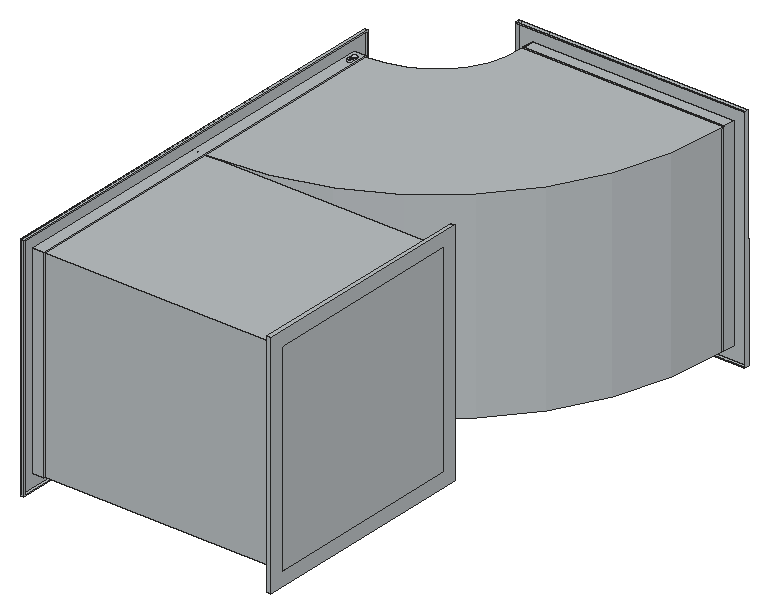
Revit family "NLRS_57_DUF_UN_broekstuk_bocht_recht_nijburg", category Duct Fittings, Revit 2020
Family settings
  Round Connector Dimension = Use Diameter
  Part Type = Tee
  Work Plane-Based = No
  Always vertical = Yes
  Cut with Voids When Loaded = No
  Shared = No
Parameters (values of type "R=170 (std)")
  built-in parameter 1114242 [instance] = 1 = 0  # (empty or 0)
  URL = "https://nijburg-klimaattechniek.nl/oplossingen/rechthoekige-kanalen/"
  Type Comments = ""
  NPR_snelheid_geldig [instance] = if(NPR_Gewenste_snelheid > 0.0 m/s, NPR_Gewenste_snelheid, 1.0 m/s)  # 5.0 m/s
  NPR_c03_snelheid [instance] = NLRS_M_c03_debiet / (NLRS_M_c03_breedte * NLRS_M_c03_hoogte)  # 0.0 m/s
  NPR_c02_snelheid [instance] = NLRS_M_c02_debiet / (NLRS_M_c02_breedte * NLRS_M_c02_hoogte)  # 0.0 m/s
  NPR_c02_recht [instance] = 30 mm
  NPR_c02_aanbevolen_breedte [instance] = round(if(NPR_Gewenste_snelheid > 0.0 m/s, (NLRS_M_c02_debiet / NPR_snelheid_geldig) / NLRS_M_c01_hoogte, 0 mm) / 1 mm) * 1 mm  # 0 mm
  NPR_c01_snelheid [instance] = NLRS_M_c01_debiet / (NLRS_M_c01_breedte * NLRS_M_c01_hoogte)  # 0.0 m/s
  NPR_c01_recht_breedte [instance] = if(or(NLRS_M_c01_debiet = 0.0 m³/h, NLRS_M_c02_debiet = 0.0 m³/h, NLRS_M_c03_debiet = 0.0 m³/h), NLRS_M_c01_breedte / 2, (NLRS_M_c01_breedte / NLRS_M_c01_debiet) * NLRS_M_c03_debiet)  # 400 mm
  NPR_c01_recht_bocht [instance] = 30 mm
  NPR_c01_bocht_breedte [instance] = NLRS_M_c01_breedte - NPR_c01_recht_breedte  # 400 mm
  NPR_c01_aanbevolen_breedte [instance] = round(if(NPR_Gewenste_snelheid > 0.0 m/s, (NLRS_M_c01_debiet / NPR_snelheid_geldig) / NLRS_M_c01_hoogte, 0 mm) / 1 mm) * 1 mm  # 0 mm
  NPR_Waarschuwing [instance] = if(NPR_Toegepaste_hoek = NLRS_M_c02_hoek, " ", "Ongeldige hoek!")  # " "
  NPR_Toegepaste_hoek [instance] = if(NLRS_M_c02_hoek < NPR_Minimale_hoek, NPR_Minimale_hoek, if(NLRS_M_c02_hoek > 90.00°, 90.00°, NLRS_M_c02_hoek))  # 90.00°
  NPR_S2_Buiten_ver [instance] = NLRS_M_c02_breedte * cos(NPR_Toegepaste_hoek)  # 0 mm
  NPR_S2_Buiten_hor [instance] = NLRS_M_c02_breedte * sin(NPR_Toegepaste_hoek)  # 400 mm
  NPR_S2_Binnen_ver [instance] = NPR_S2 * sin(NPR_Toegepaste_hoek)  # 30 mm
  NPR_S2_Binnen_hor [instance] = NPR_S2 * cos(NPR_Toegepaste_hoek)  # 0 mm
  NPR_S2 [instance] = if(NPR_c02_recht < 30 mm, 30 mm, NPR_c02_recht)  # 30 mm
  NPR_S1 [instance] = if(NPR_c01_recht_bocht < 30 mm, 30 mm, NPR_c01_recht_bocht)  # 30 mm
  NPR_Radius = 170 mm
  NPR_Offset5 [instance] = (NPR_Buitenradius_Links * cos(NPR_Toegepaste_hoek))  # 0 mm
  NPR_Offset4 [instance] = NPR_Radius - (NPR_Radius * cos(NPR_Toegepaste_hoek))  # 170 mm
  NPR_Offset3 [instance] = NPR_Radius * sin(NPR_Toegepaste_hoek)  # 170 mm
  NPR_Offset2 [instance] = NPR_Buitenradius_Links * sin(NPR_Toegepaste_hoek)  # 570 mm
  NPR_Offset1 [instance] = if(NLRS_M_c02_breedte > NPR_c01_bocht_breedte, (NPR_Grote_breedte - NPR_Buitenradius_Links) * sin(NPR_Toegepaste_hoek), 0 mm)  # 0 mm
  NPR_Minimale_hoek [instance] = if(roundup((90.00° - asin(NPR_Kleine_breedte / NPR_Grote_breedte)) / 1.00°) * 1.00° < 5.00°, 5.00°, roundup((90.00° - asin(NPR_Kleine_breedte / NPR_Grote_breedte)) / 1.00°) * 1.00°)  # 5.00°
  NPR_Luka_m²_part2 [instance] = (NPR_c01_recht_breedte + NLRS_M_c03_hoogte) * 2 * NLRS_C_lengte  # 0.80 m²
  NPR_Luka_m²_part1 [instance] = ((if(NPR_c01_bocht_breedte > NLRS_M_c02_breedte, NPR_c01_bocht_breedte, NLRS_M_c02_breedte) + NLRS_M_c01_hoogte) * 2 * NPR_L1)  # 1.92 m²
  NPR_Luka_m² [instance] = NPR_Luka_m²_part1 + NPR_Luka_m²_part2  # 2.72 m²
  NPR_L1 [instance] = (NPR_Buitenradius_Links * tan(NPR_Toegepaste_hoek / 2)) + if(NPR_c01_bocht_breedte > NLRS_M_c02_breedte, NPR_S1, NPR_S2) + (NPR_Buitenradius_Links * tan(NPR_Toegepaste_hoek / 2)) + ((NPR_Grote_breedte - NPR_Buitenradius_Links) * cos(90.00° - NPR_Toegepaste_hoek)) + if(NPR_c01_bocht_breedte > NLRS_M_c02_breedte, NPR_S2, NPR_S1)  # 1200 mm
  NPR_Kleine_breedte [instance] = if(NPR_c01_bocht_breedte > NLRS_M_c02_breedte, NLRS_M_c02_breedte, NPR_c01_bocht_breedte) + NPR_Radius  # 570 mm
  NPR_Grote_breedte [instance] = if(NPR_c01_bocht_breedte > NLRS_M_c02_breedte, NPR_c01_bocht_breedte, NLRS_M_c02_breedte) + NPR_Radius  # 570 mm
  NPR_Gewenste_snelheid [instance] = 5.0 m/s
  NPR_Forceer_Schoepen [instance] = no
  NPR_Checked_hoek [instance] = if(NPR_Toegepaste_hoek = 90.00°, 1.00°, NPR_Toegepaste_hoek)  # 1.00°
  NPR_Center_Offset1 [instance] = if(NPR_Toegepaste_hoek = 90.00°, NPR_Radius + (NLRS_M_c02_breedte / 2), if(not(NPR_c01_bocht_breedte < NLRS_M_c02_breedte), (NPR_Calc_Radius1 / cos(NPR_Checked_hoek / 2)) * sin(NPR_Checked_hoek / 2), (NPR_Calc_Radius1 * tan(NPR_Checked_hoek / 2 / 2)) + (((NPR_Grote_breedte - NPR_Radius) / 2 + NPR_Radius - NPR_Calc_Radius1) * cos(90.00° - NPR_Checked_hoek / 2))))  # 370 mm
  NPR_Calc_Radius1 [instance] = if(NPR_Toegepaste_hoek = 90.00°, ((((NPR_Kleine_breedte - NPR_Radius) / 2) + NPR_Radius)), (((((NPR_Kleine_breedte - NPR_Radius) / 2) + NPR_Radius)) / cos(NPR_Checked_hoek) - ((((NPR_Grote_breedte - NPR_Radius) / 2) + NPR_Radius))) * tan(90.00° - NPR_Checked_hoek) * tan((180.00° - NPR_Checked_hoek) / 2))  # 370 mm
  NPR_Buitenradius_Links [instance] = if(NPR_Toegepaste_hoek = 90.00°, NPR_Kleine_breedte, (NPR_Kleine_breedte / cos(NPR_Checked_hoek) - NPR_Grote_breedte) * tan(90.00° - NPR_Checked_hoek) * tan((180.00° - NPR_Checked_hoek) / 2))  # 570 mm
  NPR_Artikelcode = "RHKV"  # constant formula
  NLRS_M_c03_hoogte [instance] = NLRS_M_c01_hoogte  # 400 mm
  NLRS_M_c03_debiet [instance] = 0.0 m³/h
  NLRS_M_c03_breedte [instance] = NPR_c01_recht_breedte  # 400 mm
  NLRS_M_c02_hoogte [instance] = NLRS_M_c01_hoogte  # 400 mm
  NLRS_M_c02_hoek [instance] = 90.00°
  NLRS_M_c02_debiet [instance] = 0.0 m³/h
  NLRS_M_c01_debiet [instance] = NLRS_M_c02_debiet + NLRS_M_c03_debiet  # 0.0 m³/h
  NLRS_M_c01_breedte [instance] = 800 mm
  NLRS_M_c02_breedte [instance] = 400 mm
  NLRS_M_c01_hoogte [instance] = 400 mm
  NLRS_C_model = Model  # "Broekstuk bocht+recht"
  NLRS_C_lengte [instance] = 500 mm
  NLRS_C_description = Description  # "Rechthoekig broekstuk bocht+recht kanaal"
  NLRS_C_content_versie = "1.20.00"  # constant formula
  NLRS_C_content_provider = "Nijburg Klimaattechniek"  # constant formula
  NLRS_C_content_datum_gewijzigd = "04-05-2023"  # constant formula
  NLRS_C_content_creator = "J.Feeke"  # constant formula
  Model = "Broekstuk bocht+recht"  # constant formula
  Manufacturer = "Nijburg Products"  # constant formula
  Description = "Rechthoekig broekstuk bocht+recht kanaal"  # constant formula
  Default Elevation = 0 mm
  Assembly Code = "57.70"
Types (5, lengths in mm): name | Type Comments | NPR_Radius | NPR_Offset4 | NPR_Offset3 | NPR_Offset2 | NPR_Luka_m²_part1 | NPR_Luka_m² | NPR_L1 | NPR_Kleine_breedte | NPR_Grote_breedte | NPR_Center_Offset1 | NPR_Calc_Radius1 | NPR_Buitenradius_Links
  (no name) | "" | 170 | 170 | 170 | 570 | 1.92 m² | 2.72 m² | 1200 | 570 | 570 | 370 | 370 | 570
  R=100 | "RHKV" | 100 | 100 | 100 | 500 | 1.696 m² | 2.496 m² | 1060 | 500 | 500 | 300 | 300 | 500
  R=120 | "RHKV" | 120 | 120 | 120 | 520 | 1.76 m² | 2.56 m² | 1100 | 520 | 520 | 320 | 320 | 520
  R=150 | "RHKV" | 150 | 150 | 150 | 550 | 1.856 m² | 2.656 m² | 1160 | 550 | 550 | 350 | 350 | 550
  R=170 (std) | "" | 170 | 170 | 170 | 570 | 1.92 m² | 2.72 m² | 1200 | 570 | 570 | 370 | 370 | 570
Reference planes
  plane 1 "Center Rhor": y = -2630.953
  plane 2: z = 0
  plane 3 "Center Rvert": x = 0
  plane 4 "c1": x = -30
  plane 5 "C1_Inner": y = -2800.953
  plane 6 "Inner_Hor": x = 170
  plane 7 "W1": y = -3200.953
  plane 8 "Inner_ver": y = -2630.953
  plane 9: x = 570
  plane 10 "c1_center": y = -3000.953
  plane 11 "Offset_Hor": x = 0
  plane 12: y = -2630.953
  plane 13: y = -2630.953
  plane 14: y = -2600.953
  plane 15: x = 570
  plane 16 "W2": y = -2600.953
  plane 17 "W3": x = 170
  plane 18 "Top": z = 200
  plane 19 "Bottom": z = -200
  plane 20: x = 370
  plane 21: y = -3200.953
  plane 22 "W6": x = -30
  plane 23: x = 470
  plane 24: y = -3200.953
  plane 25: y = -3600.953
Forms (mm)
  Extrusion 1, solid, material "NLRS_57_sendzimir verzinkt_gen_sacs"
    sketch origin (0, 0, 0) x (1, 0, 0) y (0, 1, 0)
      loop
        line (0, -2800.953) -> (-30, -2800.953) -> (-30, -3200.953) -> (0, -3200.953)
        arc (0, -3200.953) -> (403.051, -3034.004) -> (570, -2630.953) r 570
        line (570, -2630.953) -> (570, -2600.953) -> (170, -2600.953) -> (170, -2630.953)
        arc (170, -2630.953) -> (120.208, -2751.161) -> (0, -2800.953) r 170
    from -200 to 200
  Extrusion 2, solid, not visible
    sketch origin (-228.7, -3498.89, 0) x (1, 0, 0) y (0, 1, 0)
      loop
        arc (542.644, 302.937) -> (537.644, 297.937) -> (542.644, 292.937) r 5
        line (542.644, 292.937) -> (542.644, 297.937) -> (547.644, 292.937) -> (547.644, 297.937) -> (542.644, 302.937)
    from 0 to 2
  Extrusion 3, solid, not visible
    sketch origin (318.945, -3200.953, 0) x (1, 0, 0) y (0, 1, 0)
      loop
        arc (5, -5) -> (10, 0) -> (5, 5) r 5
        line (5, 5) -> (5, 0) -> (0, 5) -> (0, 0) -> (5, -5)
    from 0 to 2
  Extrusion 4, solid, material "NLRS_57_sendzimir verzinkt_gen_sacs"
    sketch origin (0, 0, 0) x (1, 0, 0) y (0, 1, 0)
      loop
        line (-30, -3200.953) -> (-30, -3600.953) -> (470, -3600.953) -> (470, -3200.953) -> (-30, -3200.953)
    from -200 to 200
  Sweep 5, solid, material "NLRS_57_sendzimir verzinkt_gen_sacs"
    path in 3D
      loop
        line (-30, -3200.953, 200) -> (-30, -3600.953, 200) -> (-30, -3600.953, -200) -> (-30, -3200.953, -200) -> (-30, -2800.953, -200) -> (-30, -2800.953, 200) -> (-30, -3200.953, 200)
    profile "DW_Profile : Kanaal" origin (-30, -3000.953, 200) x (1, 0, 0) y (0, 0, 1)
      loop
        line (25, 0) -> (25, 1) -> (1, 1) -> (1, 28) -> (7.5, 28) -> (7.5, 29) -> (0, 29) -> (0, 0) -> (25, 0)
  Sweep 6, solid, material "NLRS_57_sendzimir verzinkt_gen_sacs"
    path in 3D
      loop
        line (170, -2600.953, 200) -> (170, -2600.953, -200) -> (570, -2600.953, -200) -> (570, -2600.953, 200) -> (170, -2600.953, 200)
    profile "DW_Profile : Kanaal" origin (370, -2600.953, 200) x (0, -1, 0) y (0, 0, 1)
      loop
        line (25, 0) -> (25, 1) -> (1, 1) -> (1, 28) -> (7.5, 28) -> (7.5, 29) -> (0, 29) -> (0, 0) -> (25, 0)
  Sweep 7, solid, material "NLRS_57_sendzimir verzinkt_gen_sacs"
    path in 3D
      loop
        line (470, -3200.953, 200) -> (470, -3200.953, -200) -> (470, -3600.953, -200) -> (470, -3600.953, 200) -> (470, -3200.953, 200)
    profile "DW_Profile : Kanaal" origin (470, -3400.953, 200) x (-1, 0, 0) y (0, 0, 1)
      loop
        line (25, 0) -> (25, 1) -> (1, 1) -> (1, 28) -> (7.5, 28) -> (7.5, 29) -> (0, 29) -> (0, 0) -> (25, 0)
Lines and regions (mm)
  sketch lines
    curve 1: line (-30, -2800.953, 200) -> (-30, -3200.953, 200)
    curve 2: line (-30, -3200.953, 200) -> (-30, -3600.953, 200)
    curve 3: line (-30, -3600.953, 200) -> (-30, -3600.953, -200)
    curve 4: line (-30, -3600.953, -200) -> (-30, -3200.953, -200)
    curve 5: line (-30, -3200.953, -200) -> (-30, -2800.953, -200)
    curve 6: line (-30, -2800.953, 200) -> (-30, -2800.953, -200)
    curve 7: line (570, -2600.953, 200) -> (170, -2600.953, 200)
    curve 8: line (170, -2600.953, 200) -> (170, -2600.953, -200)
    curve 9: line (170, -2600.953, -200) -> (570, -2600.953, -200)
    curve 10: line (570, -2600.953, 200) -> (570, -2600.953, -200)
    curve 11: line (470, -3600.953, 200) -> (470, -3200.953, 200)
    curve 12: line (470, -3200.953, 200) -> (470, -3200.953, -200)
    curve 13: line (470, -3200.953, -200) -> (470, -3600.953, -200)
    curve 14: line (470, -3600.953, 200) -> (470, -3600.953, -200)
Dimensions and locks
  "NPR_S1": plane 4 "c1" to plane 3 "Center Rvert"
  "NPR_Offset3": plane 6 "Inner_Hor" to plane 3 "Center Rvert"
  "NPR_Radius": plane 5 "C1_Inner" to plane 1 "Center Rhor"
  "NPR_c01_bocht_breedte": plane 7 "W1" to plane 5 "C1_Inner"
  "NPR_Offset4": plane 8 "Inner_ver" to plane 5 "C1_Inner"
  "NPR_Offset1": plane 3 "Center Rvert" to plane 11 "Offset_Hor"
  "NPR_Buitenradius_Links": plane 7 "W1" to plane 13
  "NPR_Offset5": plane 12 to plane 13
  "NPR_Offset2": plane 11 "Offset_Hor" to plane 9
  "NPR_S2_Binnen_hor": plane 6 "Inner_Hor" to plane 17 "W3"
  "NPR_S2_Binnen_ver": plane 16 "W2" to plane 8 "Inner_ver"
  locked: plane 15 to Extrusion 1 sketch curve
  locked: Extrusion 1 sketch curve to plane 14
  locked: plane 16 "W2" to Extrusion 1 sketch curve  (x2)
  locked: plane 17 "W3" to Extrusion 1 sketch curve
  plane 16 "W2" to Extrusion 1 sketch curve = 0 mm
  "NPR_S2_Buiten_hor": plane 17 "W3" to plane 15
  "NPR_S2_Buiten_ver": plane 16 "W2" to plane 14
  equal spacing: plane 5 "C1_Inner", plane 10 "c1_center", plane 7 "W1"
  equal spacing: plane 18 "Top", level, plane 19 "Bottom"
  "NLRS_M_c01_hoogte": plane 18 "Top" to plane 19 "Bottom"
  "NPR_Center_Offset1": plane 3 "Center Rvert" to plane 20
  locked: plane 7 "W1" to plane 21
  locked: plane 5 "C1_Inner" to nested 7 at 20
  locked: plane 4 "c1" to nested 7 at 15
  locked: plane 5 "C1_Inner" to nested 8 at 20
  locked: plane 4 "c1" to nested 8 at 15
  locked: plane 21 to plane 24
  "NPR_c01_recht_breedte": plane 24 to plane 25
  "NLRS_C_lengte": plane 23 to plane 22 "W6"
  "NPR_Radius": radius of Extrusion 1 sketch curve
  "NPR_Buitenradius_Links": radius of Extrusion 1 sketch curve
  "NPR_Toegepaste_hoek": angle Extrusion 1 sketch curve to Extrusion 1 sketch curve  (x2)
  aligned and locked: level to plane 2
  aligned and locked: plane 5 "C1_Inner" to Extrusion 1 sketch curve
  aligned and locked: Extrusion 1 sketch curve to plane 3 "Center Rvert"
  aligned and locked: plane 11 "Offset_Hor" to Extrusion 1 sketch curve
  aligned and locked: plane 7 "W1" to Extrusion 1 sketch curve
  aligned and locked: plane 4 "c1" to Extrusion 1 sketch curve
  aligned and locked: plane 18 "Top" to Extrusion 1
  aligned and locked: Extrusion 1 to plane 19 "Bottom"
  aligned and locked: nested 1 to plane 3 "Center Rvert"
  aligned and locked: plane 1 "Center Rhor" to nested 1
  aligned and locked: nested 3 to plane 3 "Center Rvert"
  aligned and locked: plane 1 "Center Rhor" to nested 3
  aligned and locked: nested 2 to plane 3 "Center Rvert"
  aligned and locked: plane 1 "Center Rhor" to nested 2
  aligned and locked: plane 1 "Center Rhor" to nested 4
  aligned and locked: nested 6 to plane 3 "Center Rvert"
  aligned and locked: plane 1 "Center Rhor" to nested 6
  aligned and locked: nested 4 to plane 3 "Center Rvert"
  aligned and locked: plane 1 "Center Rhor" to nested 5
  aligned and locked: nested 5 to plane 3 "Center Rvert"
  aligned and locked: Extrusion 4 sketch curve to plane 24
  aligned and locked: plane 22 "W6" to Extrusion 4 sketch curve
  aligned and locked: plane 25 to Extrusion 4 sketch curve
  aligned and locked: Extrusion 4 sketch curve to plane 23
  aligned and locked: Extrusion 4 to plane 18 "Top"
  aligned and locked: plane 19 "Bottom" to Extrusion 4
Automatic sketch dimensions
  Extrusion 2 sketch curve to plane 7 "W1" = 0 mm
  plane 4 "c1" to Extrusion 2 sketch curve = 343.945 mm
  Extrusion 2 sketch curve to Extrusion 2 sketch curve = 5 mm  (x3)
  Extrusion 2 sketch curve to Extrusion 2 sketch curve = 0 mm  (x2)
  Extrusion 3 sketch curve to plane 7 "W1" = 0 mm  (x2)
  plane 4 "c1" to Extrusion 3 sketch curve = 348.945 mm
  Extrusion 3 sketch curve to Extrusion 3 sketch curve = 5 mm  (x3)
  Extrusion 3 sketch curve to Extrusion 3 sketch curve = 0 mm
Nested families
  nested 1: "schoep" at (0, -2630.953, 200), type "schoep1"
  nested 2: "schoep" at (0, -2630.953, 200), type "schoep3"
  nested 3: "schoep" at (0, -2630.953, 200), type "schoep2"
  nested 4: "schoep" at (0, -2630.953, -200), type "schoep1"
  nested 5: "schoep" at (0, -2630.953, -200), type "schoep3"
  nested 6: "schoep" at (0, -2630.953, -200), type "schoep2"
  nested 7: "logo_single" at (-15, -2820.953, 201) x (0, 1, 0) z (0, 0, 1), type "logo_single"
  nested 8: "logo_single" at (-15, -2820.953, -202) x (0, 1, 0) z (0, 0, 1), type "logo_single"
Connectors
  hvac at (-30, -3200.953, 0), driven by "NLRS_M_c01_hoogte", driven by "NLRS_M_c01_breedte"
    settings: on Sweep 5, index 1, duct flow 0.0 m³/h, flow factor 0, pres drop 0.0 Pa, loss coef 0, conn angle 0.00°, conn width 800 mm, conn height 400 mm, conn diameter 609.6 mm, duct sys type 28, conn prof type 1, flow config 0, flow direction 0, loss method 0, conn ref index 2, conn util no, is conn primary yes, conn desc ""
  hvac at (470, -3400.953, 0), driven by "NLRS_M_c01_hoogte", driven by "NLRS_M_c03_breedte"
    settings: on Extrusion 4, index 2, duct flow 0.0 m³/h, flow factor 0, pres drop 0.0 Pa, loss coef 0, conn angle 0.00°, conn width 400 mm, conn height 400 mm, conn diameter 609.6 mm, duct sys type 28, conn prof type 1, flow config 0, flow direction 0, loss method 0, conn ref index 1, conn util no, is conn primary no, conn desc ""
  hvac at (370, -2600.953, 0), driven by "NLRS_M_c01_hoogte", driven by "NLRS_M_c02_breedte"
    settings: on Extrusion 1, index 3, duct flow 0.0 m³/h, flow factor 0, pres drop 0.0 Pa, loss coef 0, conn angle 0.00°, conn width 400 mm, conn height 400 mm, conn diameter 609.6 mm, duct sys type 28, conn prof type 1, flow config 0, flow direction 0, loss method 0, conn ref index -1, conn util no, is conn primary no, conn desc ""
Definition of nested family "logo_single"
  Parameters (values of type "logo_single")
    t = 5 mm
    Model = "LOD 400"
    Description = "Model type"
    Default Elevation = 1219.2 mm
  Reference planes
    plane 1 "Center (Front/Back)": y = 0
    plane 2: z = 0
    plane 3 "Center (Left/Right)": x = 0
    plane 4: z = 2
    plane 5: x = -10
    plane 6: y = -5
    plane 7: y = 5
    plane 8: x = -5
    plane 9: x = 5
    plane 10: x = 10
  Forms (mm)
    Extrusion 1, solid
      sketch origin (-547.644, -297.937, 0) x (1, 0, 0) y (0, 1, 0)
        loop
          arc (542.644, 302.937) -> (537.644, 297.937) -> (542.644, 292.937) r 5
          line (542.644, 292.937) -> (542.644, 297.937) -> (547.644, 292.937) -> (547.644, 297.937) -> (542.644, 302.937)
      from 0 to 2
    Extrusion 2, solid
      sketch origin (0, 0, 0) x (1, 0, 0) y (0, 1, 0)
        loop
          arc (5, -5) -> (10, 0) -> (5, 5) r 5
          line (5, 5) -> (5, 0) -> (0, 5) -> (0, 0) -> (5, -5)
      from 0 to 2
  Dimensions and locks
    "t": plane 7 to plane 1 "Center (Front/Back)"
    "t": plane 6 to plane 1 "Center (Front/Back)"
    "t": plane 5 to plane 8
    "t": plane 8 to plane 3 "Center (Left/Right)"
    "t": plane 3 "Center (Left/Right)" to plane 9
    "t": plane 9 to plane 10
    aligned and locked: level to plane 2
    aligned and locked: plane 4 to Extrusion 1
  Automatic sketch dimensions
    plane 1 "Center (Front/Back)" to Extrusion 1 sketch curve = 0 mm  (x3)
    Extrusion 1 sketch curve to plane 8 = 0 mm
    Extrusion 1 sketch curve to plane 7 = 0 mm
    Extrusion 1 sketch curve to plane 3 "Center (Left/Right)" = 0 mm
    Extrusion 1 sketch curve to plane 6 = 0 mm
    Extrusion 2 sketch curve to plane 3 "Center (Left/Right)" = 0 mm
    plane 1 "Center (Front/Back)" to Extrusion 2 sketch curve = 0 mm  (x3)
    Extrusion 2 sketch curve to plane 6 = 0 mm
    Extrusion 2 sketch curve to plane 9 = 0 mm
    Extrusion 2 sketch curve to plane 7 = 0 mm
Definition of nested family "schoep"
  Parameters (values of type "schoep")
    Show_Schoep = and(not(Aantal_Schoepen < Schoepnr), or(NPR_Toegepaste_hoek > 45.00°, Override_Schoep))  # yes
    Schoepnr = 2
    Override_Schoep = yes
    NPR_Toegepaste_hoek = 50.00°
    NPR_S1 = 2.5 mm  # constant formula
    NPR_Radius = 1200 mm
    NPR_Offset5 = NPR_L1 + (NPR_Radius - (NPR_Radius * cos(NPR_Toegepaste_hoek))) + (NPR_S1 * sin(NPR_Toegepaste_hoek)) - (NPR_L2 * cos(NPR_Toegepaste_hoek))  # 630.619 mm
    NPR_Offset4 = NPR_Buitenradius - (NPR_Buitenradius * cos(NPR_Toegepaste_hoek))  # 628.704 mm
    NPR_Offset3 = NPR_Radius * sin(NPR_Toegepaste_hoek) + NPR_L2 * sin(NPR_Toegepaste_hoek) + NPR_S1 * cos(NPR_Toegepaste_hoek)  # 1457.091 mm
    NPR_Offset2 = NPR_Buitenradius * sin(NPR_Toegepaste_hoek)  # 1348.259 mm
    NPR_Offset1 = if(NPR_L2 > NPR_L1, (NPR_Grote_breedte - NPR_Buitenradius) * sin(NPR_Toegepaste_hoek), 0 mm)  # 107.225 mm
    NPR_L2 = if(Schoepnr = 1, if(Aantal_Schoepen = 3, NLRS_M_c02_breedte / 8, if(Aantal_Schoepen = 2, NLRS_M_c02_breedte / 4, NLRS_M_c02_breedte / 3)), if(Schoepnr = 2, if(Aantal_Schoepen = 3, NLRS_M_c02_breedte / 3, NLRS_M_c02_breedte / 2), NLRS_M_c02_breedte / 2))  # 700 mm
    NPR_L1 = if(Schoepnr = 1, if(Aantal_Schoepen = 3, NLRS_M_c01_breedte / 8, if(Aantal_Schoepen = 2, NLRS_M_c01_breedte / 4, NLRS_M_c01_breedte / 3)), if(Schoepnr = 2, if(Aantal_Schoepen = 3, NLRS_M_c01_breedte / 3, NLRS_M_c01_breedte / 2), NLRS_M_c01_breedte / 2))  # 650 mm
    NPR_Kleine_breedte = if(NPR_L1 > NPR_L2, NPR_L2, NPR_L1) + NPR_Radius  # 1850 mm
    NPR_Grote_breedte = if(NPR_L1 > NPR_L2, NPR_L1, NPR_L2) + NPR_Radius  # 1900 mm
    NPR_Checked_hoek = if(NPR_Toegepaste_hoek = 90.00°, 1.00°, NPR_Toegepaste_hoek)  # 50.00°
    NPR_Buitenradius = if(NPR_Toegepaste_hoek = 90.00°, NPR_Kleine_breedte, (NPR_Kleine_breedte / cos(NPR_Checked_hoek) - NPR_Grote_breedte) * tan(90.00° - NPR_Checked_hoek) * tan((180.00° - NPR_Checked_hoek) / 2))  # 1760.027 mm
    NLRS_M_c02_breedte = 1400 mm
    NLRS_M_c01_breedte = 1300 mm
    Default Elevation = 1219.2 mm
    Aantal_Schoepen = if(and(NLRS_M_c01_breedte > 1600 mm, NLRS_M_c02_breedte > 1600 mm), 3, if(and(NLRS_M_c01_breedte > 800 mm, NLRS_M_c02_breedte > 800 mm), 2, (if(and(NLRS_M_c01_breedte > 400 mm, NLRS_M_c02_breedte > 400 mm), 1, 0))))  # 2
  Reference planes
    plane 1 "Center (Front/Back)": y = 0
    plane 2: z = 0
    plane 3 "Center (Left/Right)": x = 0
    plane 4: y = -1200
    plane 5: y = -1850
    plane 6: x = 107.225
    plane 7: x = 1455.484
    plane 8: x = 1457.091
    plane 9: y = -1221.296
    plane 10: y = -1219.381
    plane 11: x = -2.5
  Lines and regions (mm)
    model lines, visible <- "Show_Schoep"
      curve 1: arc (107.225, -1850, 0) -> (851.045, -1685.099, 0) -> (1455.484, -1221.296, 0) r 1760.027
      curve 2: line (1455.484, -1221.296, 0) -> (1457.091, -1219.381, 0)
      curve 3: line (107.225, -1850, 0) -> (-2.5, -1850, 0)
  Dimensions and locks
    "NPR_Radius": plane 4 to plane 1 "Center (Front/Back)"
    "NPR_L1": plane 5 to plane 4
    "NPR_Offset1": plane 3 "Center (Left/Right)" to plane 6
    "NPR_Offset2": plane 7 to plane 6
    "NPR_Offset3": plane 3 "Center (Left/Right)" to plane 8
    "NPR_Offset4": plane 9 to plane 5
    "NPR_Offset5": plane 10 to plane 5
    locked: plane 8 to curve 2
    "NPR_S1": plane 11 to plane 3 "Center (Left/Right)"
    locked: plane 10 to curve 2
    "NPR_Buitenradius": radius of curve 1
    "NPR_Toegepaste_hoek": angle curve 1 to curve 1
    aligned and locked: level to plane 2
    aligned and locked: plane 5 to curve 1
    aligned and locked: plane 6 to curve 1
    aligned and locked: plane 11 to curve 3
